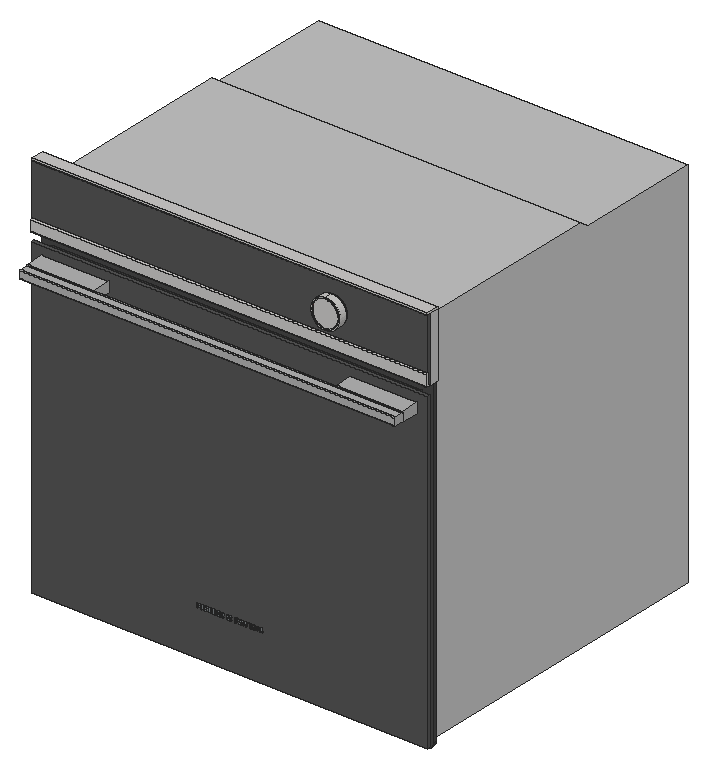
Revit family "FP-Revit18-OB24SDPTDX2-Oven-0-CA-US-90002659A", category Specialty Equipment, Revit 2018
Family settings
  Round Connector Dimension = Use Diameter
  Part Type = Normal
  OmniClass Number = 23.40.40.14.17.11
  OmniClass Title = Cookers, Ovens, Stoves
  Work Plane-Based = No
  Always vertical = Yes
  Cut with Voids When Loaded = Yes
  Shared = No
  Room Calculation Point = No
Parameters (values of type "OB24SDPTDX2")
  Visibility - Clearance Required = yes
  URL = "www.fisherpaykel.com"
  Product - Width = 596 mm  # constant formula
  Product - Height = 598 mm  # constant formula
  Product - Depth = 565 mm  # constant formula
  Model = "OB24SDPTDX2"
  Material - Trim = Fisher & Paykel - Stainless Steel
  Material - Structure = Fisher & Paykel - Black
  Material - Logo = Fisher & Paykel - Graphics Grey
  Material - Handle = Fisher & Paykel - Aluminium
  Material - Glass = Fisher & Paykel - Glass, Black
  Material - Buttons and Dials = Fisher & Paykel - Stainless Steel
  Material - Body = Fisher & Paykel - Grey
  Material - Bezel = Fisher & Paykel - Bezel Red
  Manufacturer = "Fisher & Paykel Appliances"
  FFL Offset [instance] = 200 mm
  Description = "24\" Built-In Oven"
  Connector Note - Electrical = "208-240 V, 16.6-19.4 A, 60 Hz"
  Chassis - Width = 556 mm  # constant formula
  Chassis - Height = 575 mm  # constant formula
  Chassis - Depth = 545 mm  # constant formula
  Cavity - Width = 560 mm  # constant formula
  Cavity - Height = 580 mm  # constant formula
  Cavity - Depth = 550 mm  # constant formula
Reference planes
  plane 1 "Datum": y = 0
  plane 2: z = 0
  plane 3 "Center (Left/Right)": x = 0
  plane 4 "Cavity": z = 780
  plane 5 "Product Height": z = 798
  plane 6 "Product LHS": x = -298
  plane 7 "Product RHS": x = 298
  plane 8 "Cavity LHS": x = -300
  plane 9 "Cavity RHS": x = 300
  plane 10 "Cavity - Depth": y = 550
  plane 11 "Product Depth": y = 545
  plane 12 "Front Face": y = -20
  plane 13 "FFL Offset": z = 200
  plane 14 "Cavity Height": z = 800
Forms (mm)
  Extrusion 1, solid, material "Fisher & Paykel - Grey" <- "Material - Body"
    sketch origin (0, 0, 0) x (0, 1, 0) y (0, 0, 1)
      loop
        line (0, 200) -> (525, 200) -> (525, 393.99) -> (545, 413.99) -> (545, 609.73) -> (495, 659.73) -> (495, 764.6) -> (307.721, 764.6) -> (293.958, 775) -> (0, 775) -> (0, 200)
    from -278 to 278
  Extrusion 2, void
    sketch origin (0, 0, 0) x (1, 0, 0) y (0, 1, 0)
      loop
        line (-278, 495) -> (-229.13, 495) -> (-179.13, 545) -> (-278, 545) -> (-278, 495)
      loop
        line (278, 495) -> (278, 545) -> (94.617, 545) -> (114.617, 525) -> (199.13, 525) -> (229.13, 495) -> (278, 495)
    from 200 to 764.6
  Extrusion 3, solid, material "Fisher & Paykel - Stainless Steel" <- "Material - Trim"
    sketch origin (0, 0, 0) x (0, 1, 0) y (0, 0, 1)
      loop
        line (0, 798) -> (-20.5, 798) -> (-20.5, 795.1) -> (0, 795.1) -> (0, 798)
    from -297.7 to 297.7
  Extrusion 4, solid, material "Fisher & Paykel - Grey" <- "Material - Body"
    sketch origin (0, 0, 0) x (0, 1, 0) y (0, 0, 1)
      loop
        line (-16, 795.1) -> (-16, 698) -> (0, 698) -> (0, 795.1) -> (-16, 795.1)
    from -297.7 to 297.7
  Extrusion 5, solid, material "Fisher & Paykel - Glass, Black" <- "Material - Glass"
    sketch origin (0, 0, 0) x (1, 0, 0) y (0, 0, 1)
      loop
        line (-298, 685.199) -> (-298, 210.2) -> (298, 210.2) -> (298, 685.199) -> (-298, 685.199)
      loop
        line (-298, 699.5) -> (298, 699.5) -> (298, 794.5) -> (-298, 794.5) -> (-298, 699.5)
    from 16 to 20
  Extrusion 6, solid, material "Fisher & Paykel - Black" <- "Material - Structure"
    sketch origin (0, 0, 0) x (0, 1, 0) y (0, 0, 1)
      loop
        line (-13.8, 683.7) -> (-16, 683.7) -> (-16, 224.7) -> (-5, 224.7) -> (-5, 680.497) -> (-13.8, 683.7)
    from -277 to 277
  Extrusion 7, solid, material "Fisher & Paykel - Black" <- "Material - Structure"
    sketch origin (0, 0, 0) x (1, 0, 0) y (0, 0, 1)
      loop
        line (-295, 698) -> (-295, 209.536)
        arc (-295, 209.536) -> (-292.207, 202.793) -> (-285.464, 200) r 9.536
        line (-285.464, 200) -> (285.5, 200)
        arc (285.5, 200) -> (292.218, 202.782) -> (295, 209.5) r 9.5
        line (295, 209.5) -> (295, 698) -> (-295, 698)
    from 0 to 5
  Extrusion 8, solid, material "Fisher & Paykel - Clearance Required", visible <- "Visibility - Clearance Required", detail levels coarse
    sketch origin (0, 0, 0) x (0, 1, 0) y (0, 0, 1)
      loop
        line (0, 800) -> (-20, 800) -> (-20, 685.452)
        arc (-20, 685.452) -> (-338.426, 558.091) -> (-479.879, 245.669) r 459.33
        line (-479.879, 245.669) -> (-453.852, 243.749) -> (-456.942, 201.858) -> (-440.966, 200.68) -> (-437.876, 242.565) -> (-20, 211.735) -> (-20, 200) -> (0, 200) -> (0, 800)
    from -300 to 300
  Extrusion 9, solid, material "Fisher & Paykel - Clearance Required", visible <- "Visibility - Clearance Required", detail levels coarse
    sketch origin (0, 0, 0) x (1, 0, 0) y (0, 1, 0)
      loop
        line (-280, 0) -> (280, 0) -> (280, 550) -> (-280, 550) -> (-280, 0)
    from 200 to 780
  Extrusion 10, void
    sketch origin (0, 0, 0) x (1, 0, 0) y (0, 1, 0)
      loop
        line (-300, -20) -> (300, -20) -> (300, 0) -> (-300, 0) -> (-300, -20)
    from 200 to 800
  Extrusion 11, solid, material "Fisher & Paykel - Stainless Steel" <- "Material - Trim", detail levels fine
    sketch origin (0, 0, 0) x (0, 1, 0) y (0, 0, 1)
      loop
        line (-21.7, 715.595) -> (-21.7, 699.2)
        arc (-21.7, 699.2) -> (-21.349, 698.351) -> (-20.5, 698) r 1.2
        line (-20.5, 698) -> (-17.526, 698) -> (-17.526, 699.5) -> (-20, 699.5) -> (-20, 717.643) -> (-20.789, 717.643) -> (-21.7, 715.595)
    from -298 to 298
  Extrusion 12, void
    sketch origin (0, 0, 0) x (1, 0, 0) y (0, 1, 0)
      loop
        line (-280, 550) -> (-280, 0) -> (280, 0) -> (280, 550) -> (-280, 550)
    from 200 to 780
  Extrusion 13, solid, material "Fisher & Paykel - Aluminium" <- "Material - Handle", detail levels fine
    sketch origin (0, -21, 664.221) x (0, 1, 0) y (0, 0, 1)
      loop
        arc (-26.813, 6.16) -> (-27.196, 6.554) -> (-27.728, 6.686) r 1
        line (-27.728, 6.686) -> (-40.035, 6.256)
        arc (-40.035, 6.256) -> (-40.719, 5.951) -> (-41, 5.257) r 1
        line (-41, 5.257) -> (-41, -5.257)
        arc (-41, -5.257) -> (-40.719, -5.951) -> (-40.035, -6.256) r 1
        line (-40.035, -6.256) -> (-27.709, -6.686)
        arc (-27.709, -6.686) -> (-27.175, -6.554) -> (-26.792, -6.158) r 1
        arc (-26.792, -6.158) -> (-25.256, 0.004) -> (-26.813, 6.16) r 13.038
    from -282.5 to 282.5
  Extrusion 14, solid, material "Fisher & Paykel - Aluminium" <- "Material - Handle", detail levels fine
    sketch origin (0, -21, 664.221) x (0, 1, 0) y (0, 0, 1)
      loop
        arc (-26.626, -6.008) -> (-26.614, -6.49) -> (-26.2, -6.737) r 0.5
        line (-26.2, -6.737) -> (1, -7.732) -> (1, 7.741) -> (-26.174, 6.747)
        arc (-26.174, 6.747) -> (-26.587, 6.5) -> (-26.6, 6.019) r 0.5
        arc (-26.6, 6.019) -> (-25.156, 0.002) -> (-26.626, -6.008) r 13.136
    from 182.5 to 282.5
  Extrusion 15, solid, material "Fisher & Paykel - Aluminium" <- "Material - Handle", detail levels coarse+medium
    sketch origin (0, -21, 664.221) x (1, 0, 0) y (0, 1, 0)
      loop
        line (-282.5, -41) -> (282.5, -41) -> (282.5, 1) -> (182.5, 1) -> (182.5, -26.156) -> (-182.5, -26.156) -> (-182.5, 1) -> (-282.5, 1) -> (-282.5, -41)
    from -8.022 to 7.978
  Extrusion 16, solid, material "Fisher & Paykel - Aluminium" <- "Material - Handle", detail levels fine
    sketch origin (0, -21, 664.221) x (0, 1, 0) y (0, 0, 1)
      loop
        arc (-26.626, -6.008) -> (-26.614, -6.49) -> (-26.2, -6.737) r 0.5
        line (-26.2, -6.737) -> (1, -7.732) -> (1, 7.741) -> (-26.174, 6.747)
        arc (-26.174, 6.747) -> (-26.587, 6.5) -> (-26.6, 6.019) r 0.5
        arc (-26.6, 6.019) -> (-25.156, 0.002) -> (-26.626, -6.008) r 13.136
    from -282.5 to -182.5
  Extrusion 17, solid, material "Fisher & Paykel - Aluminium" <- "Material - Handle", not visible, detail levels fine
    sketch origin (0, -22, 652) x (0, 1, 0) y (0, 0, 1)
      loop
        arc (-26.813, 6.16) -> (-27.196, 6.554) -> (-27.728, 6.686) r 1
        line (-27.728, 6.686) -> (-40.035, 6.256)
        arc (-40.035, 6.256) -> (-40.719, 5.951) -> (-41, 5.257) r 1
        line (-41, 5.257) -> (-41, -5.257)
        arc (-41, -5.257) -> (-40.719, -5.951) -> (-40.035, -6.256) r 1
        line (-40.035, -6.256) -> (-27.709, -6.686)
        arc (-27.709, -6.686) -> (-27.175, -6.554) -> (-26.792, -6.158) r 1
        arc (-26.792, -6.158) -> (-25.256, 0.004) -> (-26.813, 6.16) r 13.038
    from -282.5 to 282.5
  Extrusion 18, solid, material "Fisher & Paykel - Aluminium" <- "Material - Handle", not visible, detail levels fine
    sketch origin (0, -22, 652) x (0, 1, 0) y (0, 0, 1)
      loop
        arc (-26.626, -6.008) -> (-26.614, -6.49) -> (-26.2, -6.737) r 0.5
        line (-26.2, -6.737) -> (1, -7.732) -> (1, 7.741) -> (-26.174, 6.747)
        arc (-26.174, 6.747) -> (-26.587, 6.5) -> (-26.6, 6.019) r 0.5
        arc (-26.6, 6.019) -> (-25.156, 0.002) -> (-26.626, -6.008) r 13.136
    from 182.5 to 282.5
  Extrusion 19, solid, material "Fisher & Paykel - Aluminium" <- "Material - Handle", not visible, detail levels coarse+medium
    sketch origin (0, -22, 652) x (1, 0, 0) y (0, 1, 0)
      loop
        line (-282.5, -41) -> (282.5, -41) -> (282.5, 1) -> (182.5, 1) -> (182.5, -26.156) -> (-182.5, -26.156) -> (-182.5, 1) -> (-282.5, 1) -> (-282.5, -41)
    from -8.022 to 7.978
  Extrusion 20, solid, material "Fisher & Paykel - Aluminium" <- "Material - Handle", not visible, detail levels fine
    sketch origin (0, -22, 652) x (0, 1, 0) y (0, 0, 1)
      loop
        arc (-26.626, -6.008) -> (-26.614, -6.49) -> (-26.2, -6.737) r 0.5
        line (-26.2, -6.737) -> (1, -7.732) -> (1, 7.741) -> (-26.174, 6.747)
        arc (-26.174, 6.747) -> (-26.587, 6.5) -> (-26.6, 6.019) r 0.5
        arc (-26.6, 6.019) -> (-25.156, 0.002) -> (-26.626, -6.008) r 13.136
    from -282.5 to -182.5
  Extrusion 21, solid, material "Fisher & Paykel - Graphics Grey" <- "Material - Logo", detail levels fine
    sketch origin (0, -20, 278.956) x (1, 0, 0) y (0, 0, 1)
      loop
        line (-49.544, 0) -> (-47.97, 0) -> (-47.97, 2.138) -> (-45.511, 2.138) -> (-45.511, 3.472) -> (-47.97, 3.472) -> (-47.97, 4.712) -> (-45.295, 4.712) -> (-45.295, 6.04) -> (-49.544, 6.04) -> (-49.544, 0)
      loop
        line (-42.304, 6.04) -> (-42.304, 0) -> (-40.73, 0) -> (-40.73, 6.04) -> (-42.304, 6.04)
      loop
        line (-30.224, 6.04) -> (-30.224, 0) -> (-28.651, 0) -> (-28.651, 2.42) -> (-26.339, 2.42) -> (-26.339, 0) -> (-24.765, 0) -> (-24.765, 6.04) -> (-26.339, 6.04) -> (-26.339, 3.748) -> (-28.651, 3.748) -> (-28.651, 6.04) -> (-30.224, 6.04)
      loop
        line (-21.406, 6.04) -> (-21.406, 0) -> (-17.102, 0) -> (-17.102, 1.328) -> (-19.847, 1.328) -> (-19.847, 2.42) -> (-17.338, 2.42) -> (-17.338, 3.748) -> (-19.847, 3.748) -> (-19.847, 4.712) -> (-17.102, 4.712) -> (-17.102, 6.04) -> (-21.406, 6.04)
      loop
        line (46.167, 6.04) -> (46.167, 0) -> (50.456, 0) -> (50.456, 1.328) -> (47.741, 1.328) -> (47.741, 6.04) -> (46.167, 6.04)
      loop
        line (42.931, 6.04) -> (38.612, 6.04) -> (38.612, 0) -> (42.931, 0) -> (42.931, 1.328) -> (40.187, 1.328) -> (40.187, 2.42) -> (42.695, 2.42) -> (42.695, 3.748) -> (40.187, 3.748) -> (40.187, 4.712) -> (42.931, 4.712) -> (42.931, 6.04)
      loop
        line (33.951, 3.148) -> (36.183, 6.04) -> (34.344, 6.04) -> (32.415, 3.542) -> (32.415, 6.04) -> (30.842, 6.04) -> (30.842, 0) -> (32.415, 0) -> (32.415, 2.705) -> (34.403, 0) -> (36.263, 0) -> (33.951, 3.148)
      loop
        line (22.48, 6.04) -> (24.762, 2.42) -> (24.762, 0) -> (26.337, 0) -> (26.337, 2.341) -> (28.619, 6.04) -> (26.946, 6.04) -> (25.599, 3.707) -> (24.253, 6.04) -> (22.48, 6.04)
      loop
        line (18.979, 6.04) -> (17.483, 6.04) -> (15.024, 0) -> (16.569, 0) -> (17.001, 1.112) -> (19.421, 1.112) -> (19.854, 0) -> (21.438, 0) -> (18.979, 6.04)
      loop
        line (18.9, 2.439) -> (18.193, 4.174) -> (17.518, 2.439) -> (18.9, 2.439)
      loop
        line (8.531, 6.04) -> (8.531, 0) -> (10.105, 0) -> (10.105, 1.938) -> (11.099, 1.938)
        arc (11.099, 1.938) -> (13.15, 3.989) -> (11.099, 6.04) r 2.051
        line (11.099, 6.04) -> (8.531, 6.04)
      loop
        line (10.105, 4.712) -> (10.105, 3.197) -> (11.001, 3.197)
        arc (11.001, 3.197) -> (11.759, 3.954) -> (11.001, 4.712) r 0.757
        line (11.001, 4.712) -> (10.105, 4.712)
      loop
        line (-11.283, 6.04) -> (-13.866, 6.04) -> (-13.866, 0) -> (-12.292, 0) -> (-12.292, 1.336) -> (-11.492, 1.336) -> (-10.472, 0) -> (-8.653, 0) -> (-10.194, 1.973)
        arc (-10.194, 1.973) -> (-9.178, 4.424) -> (-11.283, 6.04) r 2.179
      loop
        line (-11.397, 4.712) -> (-12.292, 4.712) -> (-12.292, 3.053) -> (-11.397, 3.053)
        arc (-11.397, 3.053) -> (-10.568, 3.882) -> (-11.397, 4.712) r 0.83
      loop
        line (0.977, 4.712) -> (0.977, 6.153) -> (-3.075, 6.153) -> (-3.075, 4.851) -> (-2.474, 4.112)
        arc (-2.474, 4.112) -> (-3.01, 0.684) -> (0.455, 0.512) r 2.334
        line (0.455, 0.512) -> (0.96, -0.109) -> (2.746, -0.109) -> (1.36, 1.594) -> (2.561, 3.324) -> (0.943, 3.324) -> (0.487, 2.667) -> (-1.177, 4.712) -> (0.977, 4.712)
      loop
        arc (-1.625, 3.068) -> (-1.769, 1.668) -> (-0.368, 1.524) r 0.996
        line (-0.368, 1.524) -> (-1.625, 3.068)
      loop
        line (-34.68, 3.634) -> (-36.016, 3.91)
        arc (-36.016, 3.91) -> (-36.549, 4.443) -> (-36.016, 4.976) r 0.533
        arc (-36.016, 4.976) -> (-34.735, 4.79) -> (-33.559, 4.248) r 4.505
        line (-33.559, 4.248) -> (-33.559, 5.743)
        arc (-33.559, 5.743) -> (-35.049, 6.179) -> (-36.6, 6.109) r 4.726
        arc (-36.6, 6.109) -> (-38.036, 4.335) -> (-36.6, 2.561) r 1.814
        line (-36.6, 2.561) -> (-35.254, 2.282)
        arc (-35.254, 2.282) -> (-34.721, 1.749) -> (-35.254, 1.216) r 0.533
        arc (-35.254, 1.216) -> (-36.535, 1.402) -> (-37.711, 1.945) r 4.505
        line (-37.711, 1.945) -> (-37.711, 0.449)
        arc (-37.711, 0.449) -> (-36.22, 0.013) -> (-34.669, 0.083) r 4.726
        arc (-34.669, 0.083) -> (-33.234, 1.863) -> (-34.68, 3.634) r 1.814
    from 0 to 0.8
  Revolve 22, solid, material "Fisher & Paykel - Stainless Steel" <- "Material - Buttons and Dials", detail levels fine
    sketch origin (154.861, -20, 752.537) x (0, 1, 0) y (0, 0, 1)
      loop
        line (0, 22) -> (-0.843, 22) -> (-0.843, 16.038) -> (-2.39, 16.038) -> (-2.39, 22) -> (-13.7, 22) -> (-13.7, 21.2) -> (-13.191, 20) -> (-8.9, 20) -> (-8.9, 0) -> (0, 0) -> (0, 22)
      axis (0, 0) -> (-13.7, 0)
    angle from 0 to 360
  Extrusion 23, solid, material "Fisher & Paykel - Stainless Steel" <- "Material - Buttons and Dials", detail levels fine
    sketch origin (154.861, -20, 752.537) x (1, 0, 0) y (0, 0, 1)
      loop
        circle (0, 0) r 19.45
    from 8.9 to 13.191
  Extrusion 24, solid, material "Fisher & Paykel - Stainless Steel" <- "Material - Buttons and Dials", detail levels coarse+medium
    sketch origin (154.861, -20, 752.537) x (1, 0, 0) y (0, 0, 1)
      loop
        circle (0, 0) r 22
    from 0 to 13.7
  Extrusion 25, solid, material "Fisher & Paykel - Bezel Red" <- "Material - Bezel", detail levels fine
    sketch origin (154.861, -20, 752.537) x (1, 0, 0) y (0, 0, 1)
      loop
        circle (0, 0) r 19.45
      loop
        circle (0, 0) r 20
    from 2.39 to 13.191
  Sweep 26, solid, material "Fisher & Paykel - Grey" <- "Material - Body"
    path origin (-195.035, 0, 0) x (0, 1, 0) y (0, 0, 1)
      loop
        line (478.272, 708.8) -> (498.6, 708.8)
        arc (498.6, 708.8) -> (507.085, 705.285) -> (510.6, 696.8) r 12
        line (510.6, 696.8) -> (510.6, 678.8)
    profile origin (-195.035, 488.436, 708.8) x (0, 0, 1) y (1, 0, 0)
      loop
        circle (0, 0) r 11
Cuts and joins
  Extrusion 2 cuts Extrusion 1
Lines and regions (mm)
  model lines, style "Fisher & Paykel"
    curve 1: line (217, -20, 334) -> (-217, -20, 334)
    curve 2: line (217, -20, 617.236) -> (217, -20, 334)
    curve 3: line (-217, -20, 617.236) -> (217, -20, 617.236)
    curve 4: line (-217, -20, 334) -> (-217, -20, 617.236)
Text (mm)
  text "Due to ongoing product development, product details are subject to change without notice. \nPlease always refer to www.fisherpaykel.com for the most current product information. \n© Fisher & Paykel 2020" at (40.64, -604.808, 0), in view "Ref. Level (Plan)"
Dimensions and locks
  equal spacing: plane 6 "Product LHS", plane 3 "Center (Left/Right)", plane 7 "Product RHS"
  "Product - Width": plane 6 "Product LHS" to plane 7 "Product RHS"
  equal spacing: plane 8 "Cavity LHS", plane 3 "Center (Left/Right)", plane 9 "Cavity RHS"
  "Cavity - Depth": plane 10 "Cavity - Depth" to plane 1 "Datum"
  "Chassis - Depth": plane 11 "Product Depth" to plane 1 "Datum"
  plane 12 "Front Face" to plane 1 "Datum" = 20 mm
  "Product - Depth": plane 11 "Product Depth" to plane 12 "Front Face"
  "FFL Offset": plane 13 "FFL Offset" to level
  "Product - Height": plane 5 "Product Height" to plane 13 "FFL Offset"
  "Cavity - Height": plane 4 "Cavity" to plane 13 "FFL Offset"
  Extrusion 5 to plane 13 "FFL Offset" = 10.2 mm
  Extrusion 6 to plane 13 "FFL Offset" = 24.7 mm
  locked: plane 5 "Product Height" to cut or joined group of Extrusion 1, Extrusion 2 at 33.4
  locked: plane 14 "Cavity Height" to plane 13 "FFL Offset" at 600
  locked: Extrusion 21 to plane 13 "FFL Offset" at 78.847
  equal spacing: Extrusion 9, plane 3 "Center (Left/Right)", Extrusion 9
  "Cavity - Width": Extrusion 9 to Extrusion 9
  locked: Extrusion 15 to plane 13 "FFL Offset" at 472.199
  locked: Extrusion 8 sketch curve to plane 13 "FFL Offset" at 11.735
  equal spacing: cut or joined group of Extrusion 1, Extrusion 2, plane 3 "Center (Left/Right)", cut or joined group of Extrusion 1, Extrusion 2
  "Chassis - Width": cut or joined group of Extrusion 1, Extrusion 2 to cut or joined group of Extrusion 1, Extrusion 2
  aligned and locked: level to plane 2
  aligned and locked: plane 8 "Cavity LHS" to Extrusion 8
  aligned and locked: Extrusion 8 to plane 9 "Cavity RHS"
  aligned and locked: Extrusion 1 sketch curve to plane 13 "FFL Offset"
  aligned and locked: Extrusion 1 to Extrusion 2
  aligned and locked: Extrusion 2 to Extrusion 1
  aligned and locked: plane 13 "FFL Offset" to Extrusion 8 sketch curve
  aligned and locked: plane 13 "FFL Offset" to Extrusion 7 sketch curve
  aligned and locked: Extrusion 12 to cut or joined group of Extrusion 1, Extrusion 2
  aligned and locked: plane 4 "Cavity" to Extrusion 12
  aligned and locked: plane 4 "Cavity" to Extrusion 9
  aligned and locked: Extrusion 9 to cut or joined group of Extrusion 1, Extrusion 2
  aligned and locked: Extrusion 10 to cut or joined group of Extrusion 1, Extrusion 2
  aligned and locked: Extrusion 10 to Extrusion 7
  aligned and locked: Extrusion 10 to Extrusion 8
  aligned and locked: plane 14 "Cavity Height" to Extrusion 10
  aligned and locked: Extrusion 12 to Extrusion 9  (x2)
Automatic sketch dimensions
  Extrusion 13 sketch curve to Extrusion 13 sketch curve = 0.965 mm  (x2)
  Extrusion 13 sketch curve to Extrusion 13 sketch curve = 0.035 mm  (x4)
  Extrusion 13 sketch curve to Extrusion 13 sketch curve = 1.706 mm
  Extrusion 13 sketch curve to Extrusion 13 sketch curve = 12.307 mm
  Extrusion 13 sketch curve to Extrusion 13 sketch curve = 12.326 mm
  Extrusion 13 sketch curve to Extrusion 13 sketch curve = 0.999 mm  (x2)
  Extrusion 13 sketch curve to Extrusion 13 sketch curve = 5.238 mm
  Extrusion 13 sketch curve to Extrusion 13 sketch curve = 0 mm
  Extrusion 14 sketch curve to Extrusion 14 sketch curve = 12.091 mm
  Extrusion 14 sketch curve to Extrusion 14 sketch curve = 0.018 mm  (x2)
  Extrusion 14 sketch curve to Extrusion 14 sketch curve = 0.008 mm
  Extrusion 14 sketch curve to Extrusion 14 sketch curve = 27.174 mm
  Extrusion 14 sketch curve to Extrusion 14 sketch curve = 15.473 mm
  Extrusion 14 sketch curve to Extrusion 14 sketch curve = 0.5 mm  (x2)
  Extrusion 14 sketch curve to Extrusion 14 sketch curve = 0 mm
  Extrusion 15 sketch curve to Extrusion 15 sketch curve = 14.844 mm
  Extrusion 15 sketch curve to Extrusion 15 sketch curve = 27.156 mm  (x2)
  Extrusion 16 sketch curve to Extrusion 16 sketch curve = 12.091 mm
  Extrusion 16 sketch curve to Extrusion 16 sketch curve = 0.018 mm  (x2)
  Extrusion 16 sketch curve to Extrusion 16 sketch curve = 0.008 mm
  Extrusion 16 sketch curve to Extrusion 16 sketch curve = 27.174 mm
  Extrusion 16 sketch curve to Extrusion 16 sketch curve = 15.473 mm
  Extrusion 16 sketch curve to Extrusion 16 sketch curve = 0.5 mm  (x2)
  Extrusion 16 sketch curve to Extrusion 16 sketch curve = 0 mm
  Extrusion 13 sketch curve to Extrusion 13 sketch curve = 0.43 mm
  Extrusion 13 sketch curve to Extrusion 13 sketch curve = 5.275 mm
  Extrusion 13 sketch curve to Extrusion 13 sketch curve = 11.374 mm
  Extrusion 14 sketch curve to Extrusion 14 sketch curve = 0.995 mm
  Extrusion 14 sketch curve to Extrusion 14 sketch curve = 6.268 mm
  Extrusion 14 sketch curve to Extrusion 14 sketch curve = 12.255 mm
  Extrusion 15 sketch curve to Extrusion 15 sketch curve = 100 mm  (x2)
  Extrusion 15 sketch curve to Extrusion 15 sketch curve = 365 mm
  Extrusion 16 sketch curve to Extrusion 16 sketch curve = 0.995 mm
  Extrusion 16 sketch curve to Extrusion 16 sketch curve = 6.268 mm
  Extrusion 16 sketch curve to Extrusion 16 sketch curve = 12.255 mm
  Extrusion 17 sketch curve to Extrusion 17 sketch curve = 0.965 mm  (x2)
  Extrusion 17 sketch curve to Extrusion 17 sketch curve = 0.035 mm  (x4)
  Extrusion 17 sketch curve to Extrusion 17 sketch curve = 1.706 mm
  Extrusion 17 sketch curve to Extrusion 17 sketch curve = 12.307 mm
  Extrusion 17 sketch curve to Extrusion 17 sketch curve = 12.326 mm
  Extrusion 17 sketch curve to Extrusion 17 sketch curve = 0.999 mm  (x2)
  Extrusion 17 sketch curve to Extrusion 17 sketch curve = 5.238 mm
  Extrusion 17 sketch curve to Extrusion 17 sketch curve = 0 mm
  Extrusion 18 sketch curve to Extrusion 18 sketch curve = 12.091 mm
  Extrusion 18 sketch curve to Extrusion 18 sketch curve = 0.018 mm  (x2)
  Extrusion 18 sketch curve to Extrusion 18 sketch curve = 0.008 mm
  Extrusion 18 sketch curve to Extrusion 18 sketch curve = 27.174 mm
  Extrusion 18 sketch curve to Extrusion 18 sketch curve = 15.473 mm
  Extrusion 18 sketch curve to Extrusion 18 sketch curve = 0.5 mm  (x2)
  Extrusion 18 sketch curve to Extrusion 18 sketch curve = 0 mm
  Extrusion 19 sketch curve to Extrusion 19 sketch curve = 14.844 mm
  Extrusion 19 sketch curve to Extrusion 19 sketch curve = 27.156 mm  (x2)
  Extrusion 20 sketch curve to Extrusion 20 sketch curve = 12.091 mm
  Extrusion 20 sketch curve to Extrusion 20 sketch curve = 0.018 mm  (x2)
  Extrusion 20 sketch curve to Extrusion 20 sketch curve = 0.008 mm
  Extrusion 20 sketch curve to Extrusion 20 sketch curve = 27.174 mm
  Extrusion 20 sketch curve to Extrusion 20 sketch curve = 15.473 mm
  Extrusion 20 sketch curve to Extrusion 20 sketch curve = 0.5 mm  (x2)
  Extrusion 20 sketch curve to Extrusion 20 sketch curve = 0 mm
  Extrusion 17 sketch curve to Extrusion 17 sketch curve = 0.43 mm
  Extrusion 17 sketch curve to Extrusion 17 sketch curve = 5.275 mm
  Extrusion 17 sketch curve to Extrusion 17 sketch curve = 11.374 mm
  Extrusion 18 sketch curve to Extrusion 18 sketch curve = 0.995 mm
  Extrusion 18 sketch curve to Extrusion 18 sketch curve = 6.268 mm
  Extrusion 18 sketch curve to Extrusion 18 sketch curve = 12.255 mm
  Extrusion 19 sketch curve to Extrusion 19 sketch curve = 100 mm  (x2)
  Extrusion 19 sketch curve to Extrusion 19 sketch curve = 365 mm
  Extrusion 20 sketch curve to Extrusion 20 sketch curve = 0.995 mm
  Extrusion 20 sketch curve to Extrusion 20 sketch curve = 6.268 mm
  Extrusion 20 sketch curve to Extrusion 20 sketch curve = 12.255 mm
  Extrusion 1 sketch curve to plane 1 "Datum" = 0 mm
  Extrusion 1 sketch curve to plane 11 "Product Depth" = 0 mm
  Extrusion 1 sketch curve to plane 4 "Cavity" = 5 mm
  Extrusion 1 sketch curve to plane 11 "Product Depth" = 251.042 mm
  Extrusion 1 sketch curve to Extrusion 1 sketch curve = 13.762 mm
  Extrusion 1 sketch curve to plane 4 "Cavity" = 15.4 mm
  Extrusion 1 sketch curve to plane 11 "Product Depth" = 50 mm
  Extrusion 1 sketch curve to plane 11 "Product Depth" = 20 mm
  Extrusion 1 sketch curve to Extrusion 1 sketch curve = 193.99 mm
  Extrusion 1 sketch curve to Extrusion 1 sketch curve = 20 mm
  Extrusion 1 sketch curve to Extrusion 1 sketch curve = 154.87 mm
  Extrusion 1 sketch curve to Extrusion 1 sketch curve = 50 mm
  Extrusion 2 sketch curve to plane 11 "Product Depth" = 0 mm  (x2)
  Extrusion 2 sketch curve to plane 6 "Product LHS" = 20 mm
  Extrusion 2 sketch curve to Extrusion 2 sketch curve = 48.87 mm
  Extrusion 2 sketch curve to Extrusion 2 sketch curve = 50 mm  (x3)
  plane 3 "Center (Left/Right)" to Extrusion 2 sketch curve = 94.617 mm
  Extrusion 2 sketch curve to Extrusion 2 sketch curve = 20 mm
  Extrusion 2 sketch curve to plane 11 "Product Depth" = 20 mm
  Extrusion 2 sketch curve to Extrusion 2 sketch curve = 84.513 mm
  Extrusion 2 sketch curve to Extrusion 2 sketch curve = 30 mm
  plane 7 "Product RHS" to Extrusion 2 sketch curve = 20 mm
  Extrusion 3 sketch curve to plane 1 "Datum" = 0 mm
  Extrusion 3 sketch curve to plane 12 "Front Face" = 0.5 mm
  Extrusion 3 sketch curve to plane 5 "Product Height" = 2.9 mm
  plane 5 "Product Height" to Extrusion 3 sketch curve = 0 mm
  Extrusion 4 sketch curve to plane 1 "Datum" = 0 mm
  plane 12 "Front Face" to Extrusion 4 sketch curve = 4 mm
  Extrusion 4 sketch curve to plane 4 "Cavity" = 82 mm
  Extrusion 4 sketch curve to plane 5 "Product Height" = 2.9 mm
  plane 6 "Product LHS" to Extrusion 5 sketch curve = 0 mm  (x2)
  plane 7 "Product RHS" to Extrusion 5 sketch curve = 0 mm  (x2)
  plane 13 "FFL Offset" to Extrusion 5 sketch curve = 10.2 mm
  Extrusion 5 sketch curve to plane 4 "Cavity" = 94.801 mm
  Extrusion 5 sketch curve to Extrusion 5 sketch curve = 14.301 mm
  Extrusion 5 sketch curve to plane 5 "Product Height" = 3.5 mm
  plane 12 "Front Face" to Extrusion 6 sketch curve = 4 mm
  Extrusion 6 sketch curve to Extrusion 6 sketch curve = 2.2 mm
  plane 1 "Datum" to Extrusion 6 sketch curve = 5 mm
  plane 13 "FFL Offset" to Extrusion 6 sketch curve = 24.7 mm
  Extrusion 6 sketch curve to plane 4 "Cavity" = 99.503 mm
  Extrusion 6 sketch curve to Extrusion 6 sketch curve = 3.203 mm
  Extrusion 7 sketch curve to plane 6 "Product LHS" = 3 mm
  Extrusion 7 sketch curve to Extrusion 7 sketch curve = 9.536 mm
  plane 7 "Product RHS" to Extrusion 7 sketch curve = 12.5 mm
  plane 7 "Product RHS" to Extrusion 7 sketch curve = 3 mm
  Extrusion 7 sketch curve to plane 4 "Cavity" = 82 mm
  Extrusion 9 sketch curve to plane 10 "Cavity - Depth" = 0 mm
  plane 1 "Datum" to Extrusion 9 sketch curve = 0 mm
  Extrusion 9 sketch curve to plane 6 "Product LHS" = 18 mm
  plane 7 "Product RHS" to Extrusion 9 sketch curve = 18 mm
  plane 1 "Datum" to Extrusion 10 sketch curve = 0 mm
  Extrusion 10 sketch curve to plane 8 "Cavity LHS" = 0 mm
  Extrusion 10 sketch curve to plane 9 "Cavity RHS" = 0 mm
  Extrusion 10 sketch curve to plane 12 "Front Face" = 0 mm
  Extrusion 11 sketch curve to plane 12 "Front Face" = 0 mm
  Extrusion 11 sketch curve to plane 12 "Front Face" = 0.5 mm
  Extrusion 11 sketch curve to Extrusion 11 sketch curve = 0.789 mm
  Extrusion 11 sketch curve to plane 12 "Front Face" = 1.7 mm
  plane 12 "Front Face" to Extrusion 11 sketch curve = 2.474 mm
  Extrusion 11 sketch curve to plane 4 "Cavity" = 82 mm
  Extrusion 11 sketch curve to Extrusion 11 sketch curve = 1.5 mm
  Extrusion 11 sketch curve to Extrusion 11 sketch curve = 16.095 mm
  Extrusion 11 sketch curve to Extrusion 11 sketch curve = 2.048 mm
  plane 1 "Datum" to Extrusion 12 sketch curve = 0 mm
  Extrusion 12 sketch curve to plane 10 "Cavity - Depth" = 0 mm
  Extrusion 12 sketch curve to plane 6 "Product LHS" = 18 mm
  plane 7 "Product RHS" to Extrusion 12 sketch curve = 18 mm
  Extrusion 21 sketch curve to plane 3 "Center (Left/Right)" = 49.544 mm
  Extrusion 21 sketch curve to Extrusion 21 sketch curve = 1.574 mm  (x12)
  Extrusion 21 sketch curve to Extrusion 21 sketch curve = 2.459 mm
  Extrusion 21 sketch curve to Extrusion 21 sketch curve = 0.216 mm
  Extrusion 21 sketch curve to Extrusion 21 sketch curve = 3.207 mm
  Extrusion 21 sketch curve to Extrusion 21 sketch curve = 3.02 mm
  Extrusion 21 sketch curve to Extrusion 21 sketch curve = 1.11 mm
  Extrusion 21 sketch curve to Extrusion 21 sketch curve = 0.379 mm
  Extrusion 21 sketch curve to Extrusion 21 sketch curve = 0.206 mm  (x2)
  Extrusion 21 sketch curve to Extrusion 21 sketch curve = 0.36 mm  (x2)
  Extrusion 21 sketch curve to Extrusion 21 sketch curve = 0.402 mm
  Extrusion 21 sketch curve to Extrusion 21 sketch curve = 0 mm  (x21)
  Extrusion 21 sketch curve to Extrusion 21 sketch curve = 1.335 mm  (x2)
  Extrusion 21 sketch curve to Extrusion 21 sketch curve = 1.121 mm
  Extrusion 21 sketch curve to Extrusion 21 sketch curve = 3.335 mm
  Extrusion 21 sketch curve to Extrusion 21 sketch curve = 2.312 mm  (x2)
  Extrusion 21 sketch curve to Extrusion 21 sketch curve = 3.359 mm
  Extrusion 21 sketch curve to Extrusion 21 sketch curve = 1.559 mm
  Extrusion 21 sketch curve to Extrusion 21 sketch curve = 2.508 mm  (x2)
  Extrusion 21 sketch curve to Extrusion 21 sketch curve = 0.236 mm  (x4)
  Extrusion 21 sketch curve to Extrusion 21 sketch curve = 3.236 mm  (x2)
  Extrusion 21 sketch curve to Extrusion 21 sketch curve = 0.8 mm
  Extrusion 21 sketch curve to Extrusion 21 sketch curve = 0.895 mm
  Extrusion 21 sketch curve to Extrusion 21 sketch curve = 0.114 mm
  Extrusion 21 sketch curve to Extrusion 21 sketch curve = 1.02 mm
  Extrusion 21 sketch curve to Extrusion 21 sketch curve = 1.298 mm
  Extrusion 21 sketch curve to Extrusion 21 sketch curve = 1.82 mm
  Extrusion 21 sketch curve to plane 3 "Center (Left/Right)" = 3.075 mm
  Extrusion 21 sketch curve to Extrusion 21 sketch curve = 0.602 mm
  Extrusion 21 sketch curve to Extrusion 21 sketch curve = 0.849 mm
  Extrusion 21 sketch curve to Extrusion 21 sketch curve = 0.425 mm
  Extrusion 21 sketch curve to plane 3 "Center (Left/Right)" = 1.177 mm
  Extrusion 21 sketch curve to Extrusion 21 sketch curve = 0.203 mm
  Extrusion 21 sketch curve to plane 3 "Center (Left/Right)" = 0.368 mm
  plane 3 "Center (Left/Right)" to Extrusion 21 sketch curve = 0.455 mm
  plane 3 "Center (Left/Right)" to Extrusion 21 sketch curve = 0.487 mm
  Extrusion 21 sketch curve to Extrusion 21 sketch curve = 0.456 mm
  Extrusion 21 sketch curve to Extrusion 21 sketch curve = 0.505 mm
  plane 3 "Center (Left/Right)" to Extrusion 21 sketch curve = 0.977 mm
  plane 3 "Center (Left/Right)" to Extrusion 21 sketch curve = 1.36 mm
  Extrusion 21 sketch curve to Extrusion 21 sketch curve = 1.618 mm
  Extrusion 21 sketch curve to Extrusion 21 sketch curve = 1.785 mm
  Extrusion 21 sketch curve to Extrusion 21 sketch curve = 5.971 mm
  Extrusion 21 sketch curve to Extrusion 21 sketch curve = 0.896 mm
  Extrusion 21 sketch curve to Extrusion 21 sketch curve = 0.994 mm
  Extrusion 21 sketch curve to Extrusion 21 sketch curve = 3.925 mm
  Extrusion 21 sketch curve to Extrusion 21 sketch curve = 1.545 mm
  Extrusion 21 sketch curve to Extrusion 21 sketch curve = 0.433 mm  (x2)
  Extrusion 21 sketch curve to Extrusion 21 sketch curve = 0.482 mm
  Extrusion 21 sketch curve to Extrusion 21 sketch curve = 0.517 mm
  Extrusion 21 sketch curve to Extrusion 21 sketch curve = 0.675 mm
  Extrusion 21 sketch curve to Extrusion 21 sketch curve = 1.381 mm
  Extrusion 21 sketch curve to Extrusion 21 sketch curve = 1.495 mm
  Extrusion 21 sketch curve to Extrusion 21 sketch curve = 0.522 mm
  Extrusion 21 sketch curve to Extrusion 21 sketch curve = 1.584 mm
  Extrusion 21 sketch curve to Extrusion 21 sketch curve = 3.502 mm
  Extrusion 21 sketch curve to Extrusion 21 sketch curve = 1.772 mm
  Extrusion 21 sketch curve to Extrusion 21 sketch curve = 0.51 mm
  Extrusion 21 sketch curve to Extrusion 21 sketch curve = 0.837 mm
  Extrusion 21 sketch curve to Extrusion 21 sketch curve = 0.737 mm
  Extrusion 21 sketch curve to Extrusion 21 sketch curve = 2.694 mm
  Extrusion 21 sketch curve to Extrusion 21 sketch curve = 1.673 mm
  Extrusion 21 sketch curve to Extrusion 21 sketch curve = 2.223 mm
  Extrusion 21 sketch curve to Extrusion 21 sketch curve = 1.535 mm
  Extrusion 21 sketch curve to Extrusion 21 sketch curve = 1.928 mm
  Extrusion 21 sketch curve to Extrusion 21 sketch curve = 1.987 mm
  Extrusion 21 sketch curve to Extrusion 21 sketch curve = 1.839 mm
  Extrusion 21 sketch curve to Extrusion 21 sketch curve = 1.86 mm
  Extrusion 21 sketch curve to Extrusion 21 sketch curve = 2.429 mm
  Extrusion 21 sketch curve to Extrusion 21 sketch curve = 2.715 mm
  plane 13 "FFL Offset" to Extrusion 21 sketch curve = 78.847 mm
  Extrusion 21 sketch curve to Extrusion 21 sketch curve = 0.109 mm  (x5)
  Extrusion 21 sketch curve to Extrusion 21 sketch curve = 0.449 mm
  Extrusion 21 sketch curve to Extrusion 21 sketch curve = 0.023 mm
  Extrusion 21 sketch curve to Extrusion 21 sketch curve = 0.621 mm
  Extrusion 21 sketch curve to Extrusion 21 sketch curve = 1.112 mm
  Extrusion 21 sketch curve to Extrusion 21 sketch curve = 1.328 mm  (x10)
  Extrusion 21 sketch curve to Extrusion 21 sketch curve = 1.336 mm
  Extrusion 21 sketch curve to Extrusion 21 sketch curve = 1.015 mm
  Extrusion 21 sketch curve to Extrusion 21 sketch curve = 1.012 mm
  Extrusion 21 sketch curve to Extrusion 21 sketch curve = 1.082 mm
  Extrusion 21 sketch curve to Extrusion 21 sketch curve = 0.262 mm  (x2)
  Extrusion 21 sketch curve to Extrusion 21 sketch curve = 1.938 mm
  Extrusion 21 sketch curve to Extrusion 21 sketch curve = 1.496 mm  (x2)
  Extrusion 21 sketch curve to Extrusion 21 sketch curve = 0.637 mm
  Extrusion 21 sketch curve to Extrusion 21 sketch curve = 2.138 mm
  Extrusion 21 sketch curve to Extrusion 21 sketch curve = 0.632 mm
  Extrusion 21 sketch curve to Extrusion 21 sketch curve = 0.424 mm  (x2)
  Extrusion 21 sketch curve to Extrusion 21 sketch curve = 0.14 mm
  Extrusion 21 sketch curve to Extrusion 21 sketch curve = 2.341 mm
  Extrusion 21 sketch curve to Extrusion 21 sketch curve = 1.092 mm  (x2)
  Extrusion 21 sketch curve to Extrusion 21 sketch curve = 2.42 mm
  Extrusion 21 sketch curve to Extrusion 21 sketch curve = 0.079 mm
  Extrusion 21 sketch curve to Extrusion 21 sketch curve = 0.616 mm
  Extrusion 21 sketch curve to Extrusion 21 sketch curve = 1.073 mm
  Extrusion 21 sketch curve to Extrusion 21 sketch curve = 2.705 mm
  Extrusion 21 sketch curve to Extrusion 21 sketch curve = 1.716 mm
  Extrusion 21 sketch curve to Extrusion 21 sketch curve = 0.442 mm
  Extrusion 21 sketch curve to Extrusion 21 sketch curve = 1.259 mm
  Extrusion 21 sketch curve to Extrusion 21 sketch curve = 1.73 mm
  Extrusion 21 sketch curve to Extrusion 21 sketch curve = 0.836 mm
  Extrusion 21 sketch curve to Extrusion 21 sketch curve = 1.352 mm
  Extrusion 21 sketch curve to Extrusion 21 sketch curve = 1.287 mm
  Extrusion 21 sketch curve to Extrusion 21 sketch curve = 0.808 mm
  Extrusion 21 sketch curve to Extrusion 21 sketch curve = 0.022 mm
  Extrusion 21 sketch curve to Extrusion 21 sketch curve = 0.276 mm
  Extrusion 21 sketch curve to Extrusion 21 sketch curve = 0.757 mm
  Extrusion 21 sketch curve to Extrusion 21 sketch curve = 0.034 mm
  Extrusion 21 sketch curve to Extrusion 21 sketch curve = 1.735 mm
  Extrusion 21 sketch curve to Extrusion 21 sketch curve = 0.614 mm
  Extrusion 21 sketch curve to Extrusion 21 sketch curve = 0.6 mm
  Extrusion 21 sketch curve to Extrusion 21 sketch curve = 0.964 mm  (x2)
  Extrusion 21 sketch curve to Extrusion 21 sketch curve = 1.24 mm
  Extrusion 21 sketch curve to Extrusion 21 sketch curve = 0.739 mm
  Extrusion 21 sketch curve to Extrusion 21 sketch curve = 0.744 mm
  Extrusion 21 sketch curve to Extrusion 21 sketch curve = 2.292 mm  (x2)
  Extrusion 21 sketch curve to Extrusion 21 sketch curve = 1.866 mm
  Extrusion 21 sketch curve to Extrusion 21 sketch curve = 2.892 mm
  Extrusion 21 sketch curve to Extrusion 21 sketch curve = 2.498 mm
  Extrusion 21 sketch curve to Extrusion 21 sketch curve = 1.302 mm
  plane 13 "FFL Offset" to curve 1 = 134 mm
  plane 7 "Product RHS" to curve 3 = 81 mm
  curve 3 to plane 4 "Cavity" = 162.764 mm
  curve 4 to plane 6 "Product LHS" = 81 mm
  plane 1 "Datum" to Revolve 22 sketch curve = 20 mm  (x2)
  plane 1 "Datum" to Revolve 22 sketch curve = 20.843 mm
  Revolve 22 sketch curve to Revolve 22 sketch curve = 1.547 mm
  Revolve 22 sketch curve to Revolve 22 sketch curve = 6.51 mm
  Revolve 22 sketch curve to Revolve 22 sketch curve = 4.291 mm
  Revolve 22 sketch curve to Revolve 22 sketch curve = 0.509 mm
  plane 13 "FFL Offset" to Revolve 22 sketch curve = 552.537 mm
  plane 13 "FFL Offset" to Revolve 22 sketch curve = 568.576 mm
  Revolve 22 sketch curve to Revolve 22 sketch curve = 3.962 mm
  Revolve 22 sketch curve to Revolve 22 sketch curve = 1.2 mm
  Revolve 22 sketch curve to Revolve 22 sketch curve = 0.8 mm
  Revolve 22 sketch curve to Revolve 22 sketch curve = 0 mm  (x2)
  Revolve 22 sketch curve to plane 12 "Front Face" = 18.633 mm
  plane 13 "FFL Offset" to Extrusion 23 sketch curve = 552.537 mm
  Extrusion 23 sketch curve to plane 8 "Cavity LHS" = 454.861 mm
  plane 13 "FFL Offset" to Extrusion 24 sketch curve = 552.537 mm
  Extrusion 24 sketch curve to plane 8 "Cavity LHS" = 454.861 mm
  Extrusion 25 sketch curve to Extrusion 25 sketch curve = 0 mm  (x2)
  plane 13 "FFL Offset" to Extrusion 25 sketch curve = 552.537 mm
  Extrusion 25 sketch curve to plane 8 "Cavity LHS" = 454.861 mm
  Extrusion 8 sketch curve to plane 12 "Front Face" = 0 mm  (x2)
  Extrusion 8 sketch curve to plane 1 "Datum" = 0 mm
  Extrusion 8 sketch curve to plane 14 "Cavity Height" = 0 mm
  Extrusion 8 sketch curve to plane 12 "Front Face" = 0.966 mm
  plane 13 "FFL Offset" to Extrusion 8 sketch curve = 42.565 mm
  Extrusion 8 sketch curve to Extrusion 8 sketch curve = 416.91 mm
  plane 13 "FFL Offset" to Extrusion 8 sketch curve = 0.68 mm
  plane 13 "FFL Offset" to Extrusion 8 sketch curve = 43.749 mm
  Extrusion 8 sketch curve to Extrusion 8 sketch curve = 15.976 mm
  plane 13 "FFL Offset" to Extrusion 8 sketch curve = 45.669 mm
  Extrusion 8 sketch curve to Extrusion 8 sketch curve = 14.388 mm
  Sweep 26 sketch curve to plane 10 "Cavity - Depth" = 51.4 mm
  Sweep 26 sketch curve to Sweep 26 sketch curve = 12 mm
  Sweep 26 sketch curve to plane 4 "Cavity" = 83.2 mm
  Sweep 26 sketch curve to Sweep 26 sketch curve = 20.328 mm
  Sweep 26 sketch curve to Sweep 26 sketch curve = 18 mm
  Sweep 26 sketch curve to Sweep 26 sketch curve = 0 mm  (x2)
  Sweep 26 sketch curve to profile plane = 0 mm  (x2)
  Sweep 26 sketch curve to profile plane = 11 mm
  radius of Extrusion 23 sketch curve = 19.45 mm
  radius of Extrusion 24 sketch curve = 22 mm
  radius of Extrusion 25 sketch curve = 19.45 mm
  radius of Extrusion 25 sketch curve = 20 mm
Connectors
  electrical at (-195.035, 510.6, 678.8), driven by "Connector Note - Electrical"
    settings: on Sweep 26, index 1, voltage 208 V, apparent load 0 VA, apparent load phase1 0 VA, apparent load phase2 0 VA, apparent load phase3 0 VA, power factor 1, load classification "Other", number of poles 1, system type 30, power factor state 1, is connector primary yes, connector utility no, sub classification motor no, connector description "208-240 V, 16.6-19.4 A, 60 Hz"
